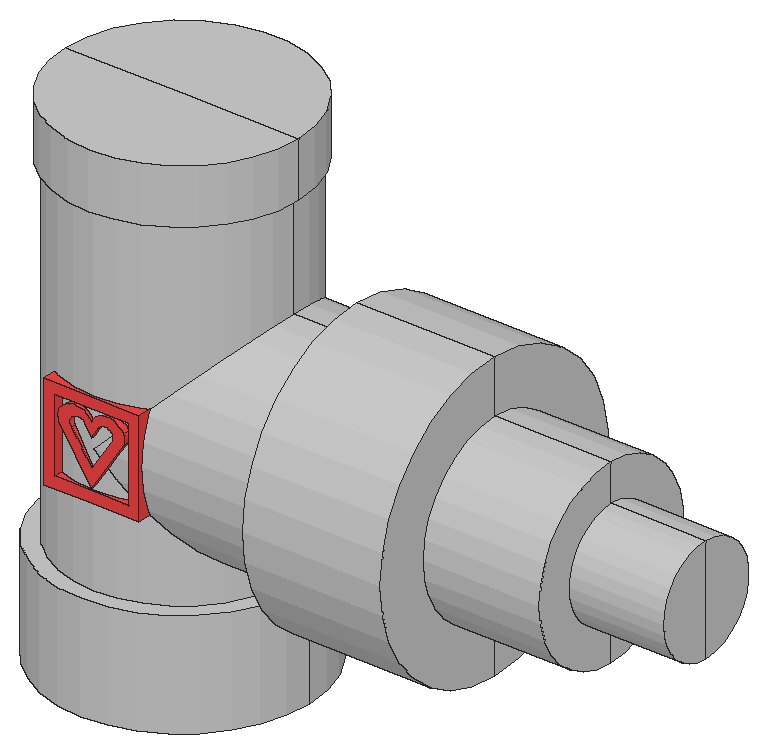
Revit family "Клапан запорный для отключения радиатора HERZ-RL-1, угловой 3724", category Rohrzubehör, Revit 2019
Family settings
  Bemaßung runder Anschluss = Durchmesser verwenden
  Teiletyp = Unterbricht
  OmniClass-Nummer = 23.65.55.14
  OmniClass-Titel = Valves for Liquid Services
  Arbeitsebenenbasiert = Nein
  Immer vertikal = Nein
  Beim Laden mit Abzugskörper schneiden = Nein
  Gemeinsam genutzt = Nein
Parameters
  Среда = "Качество воды в соответствии с ÖNORM H 5195 или директивой VDI 2035."
  Область применения = "Система водяного отопления. С помощью установки радиаторных запорных клапанов возможно осуществить перекрытие обратного потока нагревательных приборов. При одновременном перекрытии с клапаном на подающем трубопроводе возможен демонтаж радиатора в системе, которая находится под давлением. Промывку радиатора или ремонт помещения (оклеивание обоями, облицовку плиткой) можно проводить, не прерывая работу системы. Если требуется предварительная настройка клапанов для отключения радиаторов или заполнение и опорожнение радиаторов или системы при помощи данного клапана, рекомендуется установка клапана HERZ-RL-5."
  Номер заказа [instance] = size_lookup("3724_1_", "Artnr", 0, Nennweite)  # 1372440
  Макс. рабочее давление = 1000000.0 Pa  # constant formula
  Макс. рабочая температура = 120 °C  # constant formula
  Корпус = "Никелированная латунь"  # constant formula
  Исполнение = "Все модели поставляются в никелированном исполнении, это универсальные модели со специальной муфтой для резьбовой трубы и компрессионных фитингов."
  URL = "www.herz-armaturen.ru"
  SCRNSEQ = "ARM;ARM_TYP=\"ALLF\";2"
  SCRNCODE = "05;01;02"  # constant formula
  S04 = 45.000 mm  # constant formula
  S03 [instance] = H02 - 5.000 mm + 41.000 mm  # 60.500 mm
  S02 [instance] = L04 + L03 - L02  # 25.500 mm
  S01 = 10.000 mm  # constant formula
  R06 = 11.000 mm  # constant formula
  Nennweite [instance] = 10.000 mm
  LO1 [instance] = R01 - 0.500 mm  # 10.000 mm
  L04 [instance] = size_lookup("3724_1_", "L4", 1.000 mm, Nennweite)  # 20.000 mm
  L03 [instance] = size_lookup("3724_1_", "L3", 1.000 mm, Nennweite)  # 13.000 mm
  L02 [instance] = size_lookup("3724_1_", "L2", 1.000 mm, Nennweite)  # 7.500 mm
  L01 [instance] = size_lookup("3724_1_", "L1", 1.000 mm, Nennweite)  # 24.000 mm
  Hersteller = "HERZ Armaturen Ges.m.b.H."  # constant formula
  H05 = 5.200 mm  # constant formula
  H04 = 25.500 mm  # constant formula
  H03 [instance] = size_lookup("3724_1_", "H3", 1.000 mm, Nennweite)  # 10.000 mm
  H02 [instance] = 24.500 mm  # constant formula
  H01 [instance] = size_lookup("3724_1_", "H1", 1.000 mm, Nennweite)  # 22.000 mm
  GT1 [instance] = size_lookup("3724_1_", "GT1", 1.000 mm, Nennweite)  # 9.000 mm
  GT [instance] = size_lookup("3724_1_", "GT", 1.000 mm, Nennweite)  # 9.500 mm
  G2 [instance] = Nennweite / 2  # 5.000 mm
  G1 [instance] = Nennweite / 2  # 5.000 mm
  R01 = 10.500 mm  # constant formula
  D05 [instance] = size_lookup("3724_1_", "D5", 1.000 mm, Nennweite)  # 8.500 mm
  D04 [instance] = size_lookup("3724_1_", "D4", 1.000 mm, Nennweite)  # 13.500 mm
  D03 [instance] = R01  # 10.500 mm
  D02 [instance] = size_lookup("3724_1_", "D2", 1.000 mm, Nennweite)  # 7.940 mm
  D01 [instance] = size_lookup("3724_1_", "D1", 1.000 mm, Nennweite)  # 12.000 mm
Reference planes
  plane 1 "Mitte (Vorne/hinten)": y = 0
  plane 2: z = 0
  plane 3 "Mitte (Links/rechts)": x = 0
Forms (mm)
  Revolve 1, solid, material "Messing, weicher Gelbton, geschweißt", detail levels fine
    sketch origin (0, 0, 0) x (1, 0, 0) y (0, 0, 1)
      loop
        line (0, 24.5) -> (-10.5, 24.5) -> (-10.5, -12) -> (-12, -12) -> (-12, -22) -> (-5, -22) -> (-5, -12.5) -> (0, -12.5) -> (0, 24.5)
      axis (0, 24.5) -> (0, -22)
    angle from 0 to 360
  Revolve 2, solid, material "Messing, weicher Gelbton, geschweißt", detail levels fine
    sketch origin (0, 0, 0) x (1, 0, 0) y (0, 0, 1)
      loop
        line (0, 0) -> (24, 0) -> (24, 7.94) -> (16.5, 7.94) -> (16.5, 10.5) -> (0, 10.5) -> (0, 0)
      axis (0, 0) -> (24, 0)
    angle from 0 to 360
  Revolve 3, solid, material "Messing, weicher Gelbton, geschweißt", detail levels fine
    sketch origin (-1, 0, 0) x (1, 0, 0) y (0, 0, 1)
      loop
        line (25, 0) -> (50.5, 0) -> (50.5, 5) -> (41.5, 5) -> (41.5, 8.5) -> (30.5, 8.5) -> (30.5, 13.5) -> (17.5, 13.5) -> (17.5, 7.94) -> (25, 7.94) -> (25, 0)
      axis (17.5, 0) -> (50.5, 0)
    angle from 0 to 360
  Revolve 4, solid, material "Messing, weicher Gelbton, geschweißt", detail levels fine
    sketch origin (0, 0, 0) x (1, 0, 0) y (0, 0, 1)
      loop
        line (0, 20.3) -> (11, 20.3) -> (11, 25.5) -> (0, 25.5) -> (0, 20.3)
      axis (0, 25.5) -> (0, 20.3)
    angle from 0 to 360
Lines and regions (mm)
  model lines, detail levels coarse+medium
    curve 1: line (0, 0, 0) -> (12, 0, -22)
    curve 2: line (12, 0, -22) -> (-12, 0, -22)
    curve 3: line (-12, 0, -22) -> (0, 0, 0)
    curve 4: line (0, 0, 0) -> (24, 0, 13.5)
    curve 5: line (24, 0, 13.5) -> (24, 0, -13.5)
    curve 6: line (24, 0, -13.5) -> (0, 0, 0)
    curve 7: line (24, 0, 13.5) -> (34, 0, 13.5)
    curve 8: line (34, 0, 13.5) -> (24, 0, 0)
    curve 9: line (24, 0, -13.5) -> (34, 0, -13.5)
    curve 10: line (34, 0, -13.5) -> (24, 0, 0)
    curve 11: line (24, 0, 0) -> (49.5, 0, 0)
    curve 12: line (0, 0, 0) -> (12, -22, 0)
    curve 13: line (12, -22, 0) -> (-12, -22, 0)
    curve 14: line (-12, -22, 0) -> (0, 0, 0)
    curve 15: line (0, 0, 0) -> (24, 13.5, 0)
    curve 16: line (24, 13.5, 0) -> (24, -13.5, 0)
    curve 17: line (24, -13.5, 0) -> (0, 0, 0)
    curve 18: line (24, 13.5, 0) -> (34, 13.5, 0)
    curve 19: line (34, 13.5, 0) -> (24, 0, 0)
    curve 20: line (24, -13.5, 0) -> (34, -13.5, 0)
    curve 21: line (24, 0, 0) -> (34, -13.5, 0)
Dimensions and locks
  "H02": Revolve 1 sketch curve to plane 2
  "H01": plane 2 to Revolve 1 sketch curve
  "R01": Revolve 1 sketch curve to Revolve 1 sketch curve
  "G1": Revolve 1 sketch curve to Revolve 1 sketch curve
  "D01": Revolve 1 sketch curve to Revolve 1 sketch curve
  "GT": Revolve 1 sketch curve to Revolve 1 sketch curve
  "H03": Revolve 1 sketch curve to Revolve 1 sketch curve
  "D02": Revolve 2 sketch curve to Revolve 2 sketch curve
  "D03": Revolve 2 sketch curve to Revolve 2 sketch curve
  "L01": Revolve 2 sketch curve to Revolve 2 sketch curve
  "L02": Revolve 2 sketch curve to Revolve 2 sketch curve
  "LO1": nested 1 to plane 1 "Mitte (Vorne/hinten)"
  "L02": Revolve 3 sketch curve to Revolve 3 sketch curve
  "L03": Revolve 3 sketch curve to Revolve 3 sketch curve
  "L04": Revolve 3 sketch curve to Revolve 3 sketch curve
  "D04": Revolve 3 sketch curve to Revolve 3 sketch curve
  "G2": Revolve 3 sketch curve to Revolve 3 sketch curve
  "D05": Revolve 3 sketch curve to Revolve 3 sketch curve
  "GT1": Revolve 3 sketch curve to Revolve 3 sketch curve
  "L01": plane 3 "Mitte (Links/rechts)" to Revolve 3 sketch curve
  "D02": Revolve 3 sketch curve to plane 2
  "H01": plane 2 to curve 2
  "L01": curve 5 to plane 3 "Mitte (Links/rechts)"
  "D01": curve 2 to plane 3 "Mitte (Links/rechts)" to curve 3
  "D04": curve 5 to plane 2 to curve 6
  "S01": curve 5 to curve 8
  "S01": curve 5 to curve 10
  "S02": curve 11 to curve 11
  "H01": curve 13 to plane 1 "Mitte (Vorne/hinten)"
  "D01": curve 14 to plane 3 "Mitte (Links/rechts)" to curve 13
  "L01": plane 3 "Mitte (Links/rechts)" to curve 16
  "D04": curve 17 to plane 1 "Mitte (Vorne/hinten)" to curve 16
  "S01": curve 16 to curve 19
  "S01": curve 16 to curve 21
  "R06": Revolve 4 sketch curve to Revolve 4 sketch curve
  "H04": Revolve 4 sketch curve to plane 2
  "H05": Revolve 4 sketch curve to Revolve 4 sketch curve
  aligned and locked: level to plane 2
Automatic sketch dimensions
  curve 4 to level = 0.000 mm
  curve 4 to plane 3 "Mitte (Links/rechts)" = 0.000 mm
  curve 11 to level = 0.000 mm
  curve 8 to level = 0.000 mm
  plane 1 "Mitte (Vorne/hinten)" to curve 14 = 0.000 mm
  curve 14 to plane 3 "Mitte (Links/rechts)" = 0.000 mm
  plane 1 "Mitte (Vorne/hinten)" to curve 19 = 0.000 mm
  Revolve 1 sketch curve to plane 3 "Mitte (Links/rechts)" = 0.000 mm  (x2)
  Revolve 1 sketch curve to Revolve 1 sketch curve = 345.545 mm
  Revolve 1 sketch curve to Revolve 1 sketch curve = 2189.815 mm
  Revolve 2 sketch curve to level = 0.000 mm  (x2)
  Revolve 2 sketch curve to plane 3 "Mitte (Links/rechts)" = 0.000 mm
  Revolve 2 sketch curve to plane 3 "Mitte (Links/rechts)" = 1506.530 mm
  Revolve 2 sketch curve to Revolve 2 sketch curve = 1815.148 mm
  Revolve 3 sketch curve to level = 0.000 mm  (x2)
  Revolve 3 sketch curve to plane 3 "Mitte (Links/rechts)" = 1507.530 mm
  Revolve 3 sketch curve to Revolve 3 sketch curve = 1789.648 mm
  Revolve 4 sketch curve to plane 3 "Mitte (Links/rechts)" = 0.000 mm  (x2)
  Revolve 4 sketch curve to level = 366.045 mm
  Revolve 4 sketch curve to Revolve 4 sketch curve = 2190.315 mm
Nested families
  nested 1: "Herz-Logo-vorne" at (0, -10, 0) x (0, -1, 0) z (0, 0, 1), type "Herz-Logo-vorne", detail levels fine
Connectors
  piping at (0, 0, -12.5), diameter 10, driven by "Nennweite"
    settings: on Revolve 1, index 1, connector inside diameter 609.6 mm, connector length 0.000 mm, flow factor 0, pipe flow 0.0 L/s, pressure drop 0.0 Pa, fitting loss kfactor 0, connector angle 0.00°, fixture units 0, engagement length 0.000 mm, angle of deflection 0.00°, flow configuration 0, flow direction 1, fitting loss method 0, system type 8, joint type 0, gender type 0, connector reference index -1, connector utility 0, adjustable connector no, is connector primary yes, connector description ""
  piping at (49.5, 0, 0), diameter 10, driven by "Nennweite"
    settings: on Revolve 3, index 2, connector inside diameter 609.6 mm, connector length 0.000 mm, flow factor 0, pipe flow 0.0 L/s, pressure drop 0.0 Pa, fitting loss kfactor 0, connector angle 0.00°, fixture units 0, engagement length 0.000 mm, angle of deflection 0.00°, flow configuration 0, flow direction 2, fitting loss method 0, system type 8, joint type 0, gender type 0, connector reference index -1, connector utility 0, adjustable connector no, is connector primary no, connector description ""
Definition of nested family "Herz-Logo-vorne"
  Reference planes
    plane 1 "Mitte (Vorne/hinten)": y = 0
    plane 2: z = 0
    plane 3 "Mitte (Links/rechts)": x = 0
  Forms (mm)
    Extrusion 1, solid
      sketch origin (0.732, -0.018, 0.017) x (0, -1, 0) y (0, 0, 1)
        loop
          line (-0.018, -4.517) -> (4.482, -4.517) -> (4.482, 4.483) -> (-4.518, 4.483) -> (-4.518, -4.517) -> (-0.018, -4.517)
        loop
          line (-0.05, -3.48) -> (3.482, -3.48) -> (3.482, 3.483) -> (-3.518, 3.483) -> (-3.518, -3.48) -> (-0.05, -3.48)
        loop
          arc (-0.018, 2.383) -> (-1.543, 3.287) -> (-3.067, 2.383) r 1.738
          arc (-3.067, 2.383) -> (-3.191, 1.899) -> (-3.067, 1.415) r 1.009
          line (-3.067, 1.415) -> (-0.018, -3.281) -> (3.032, 1.415)
          arc (3.032, 1.415) -> (3.156, 1.899) -> (3.032, 2.383) r 1.009
          arc (3.032, 2.383) -> (1.507, 3.287) -> (-0.018, 2.383) r 1.738
        loop
          arc (1.885, 1.272) -> (2.005, 1.675) -> (1.885, 2.079) r 0.74
          arc (1.885, 2.079) -> (1.265, 2.416) -> (0.644, 2.079) r 0.74
          line (0.644, 2.079) -> (-0.018, 0.97) -> (-0.679, 2.079)
          arc (-0.679, 2.079) -> (-1.3, 2.416) -> (-1.921, 2.079) r 0.74
          arc (-1.921, 2.079) -> (-2.04, 1.675) -> (-1.921, 1.272) r 0.74
          line (-1.921, 1.272) -> (-0.018, -1.658) -> (1.885, 1.272)
      from 0 to 1.5
  Dimensions and locks
    aligned and locked: level to plane 2
